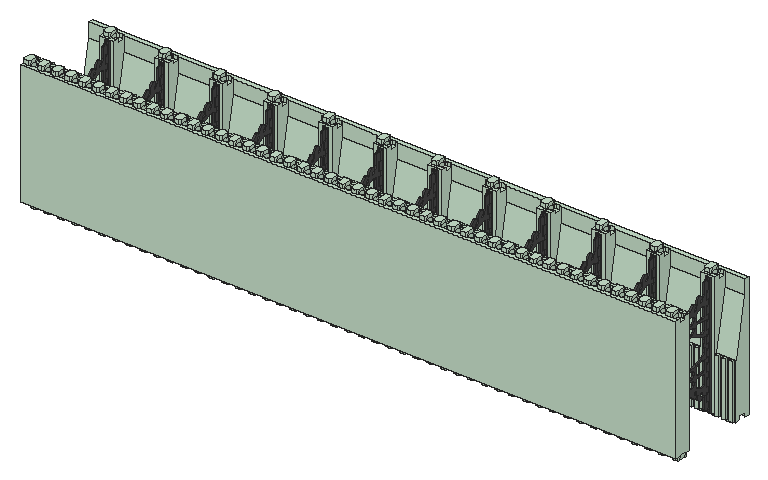
Revit family (continued)
Forms (in)
  Extrusion 106, void
    sketch origin (90, -2, 0) x (-1, 0, 0) y (0, -1, 0)
      loop
        arc (2, 4.89808) -> (1.95215, 5.04517) -> (1.82692, 5.13595) r 0.25
        arc (1.82692, 5.13595) -> (1.5, 5.1875) -> (1.17308, 5.13595) r 1.0625
        arc (1.17308, 5.13595) -> (1.04785, 5.04517) -> (1, 4.89808) r 0.25
    from 0 to 0.5
  Extrusion 107, void
    sketch origin (92, -2, 0) x (-1, 0, 0) y (0, -1, 0)
      loop
        line (1, 4.89808) -> (1, 3.97692)
        arc (1, 3.97692) -> (1.04785, 3.82983) -> (1.17308, 3.73905) r 0.25
        arc (1.17308, 3.73905) -> (1.42092, 3.69045) -> (1.67323, 3.70172) r 1.0625
        arc (1.67323, 3.70172) -> (1.72385, 3.68771) -> (1.74592, 3.64005) r 0.0625
        line (1.74592, 3.64005) -> (1.74592, 3.41845) -> (1.91675, 3.41845) -> (1.91675, 3.76455)
        arc (1.91675, 3.76455) -> (1.92106, 3.78736) -> (1.9334, 3.80702) r 0.0625
        arc (1.9334, 3.80702) -> (1.98276, 3.88568) -> (2, 3.97692) r 0.25
        line (2, 3.97692) -> (2, 4.89808)
        arc (2, 4.89808) -> (1.95215, 5.04517) -> (1.82692, 5.13595) r 0.25
        arc (1.82692, 5.13595) -> (1.5, 5.1875) -> (1.17308, 5.13595) r 1.0625
        arc (1.17308, 5.13595) -> (1.04785, 5.04517) -> (1, 4.89808) r 0.25
    from 0 to 0.5
  Extrusion 108, void
    sketch origin (94, -2, 0) x (-1, 0, 0) y (0, -1, 0)
      loop
        line (1, 4.89808) -> (1, 3.97692)
        arc (1, 3.97692) -> (1.04785, 3.82983) -> (1.17308, 3.73905) r 0.25
        arc (1.17308, 3.73905) -> (1.42092, 3.69045) -> (1.67323, 3.70172) r 1.0625
        arc (1.67323, 3.70172) -> (1.72385, 3.68771) -> (1.74592, 3.64005) r 0.0625
        line (1.74592, 3.64005) -> (1.74592, 3.41845) -> (1.91675, 3.41845) -> (1.91675, 3.76455)
        arc (1.91675, 3.76455) -> (1.92106, 3.78736) -> (1.9334, 3.80702) r 0.0625
        arc (1.9334, 3.80702) -> (1.98276, 3.88568) -> (2, 3.97692) r 0.25
        line (2, 3.97692) -> (2, 4.89808)
        arc (2, 4.89808) -> (1.95215, 5.04517) -> (1.82692, 5.13595) r 0.25
        arc (1.82692, 5.13595) -> (1.5, 5.1875) -> (1.17308, 5.13595) r 1.0625
        arc (1.17308, 5.13595) -> (1.04785, 5.04517) -> (1, 4.89808) r 0.25
    from 0 to 0.5
  Extrusion 109, void
    sketch origin (96, -2, 0) x (-1, 0, 0) y (0, -1, 0)
      loop
        line (1, 4.89808) -> (1, 3.97692)
        arc (1, 3.97692) -> (1.04785, 3.82983) -> (1.17308, 3.73905) r 0.25
        arc (1.17308, 3.73905) -> (1.42092, 3.69045) -> (1.67323, 3.70172) r 1.0625
        arc (1.67323, 3.70172) -> (1.72385, 3.68771) -> (1.74592, 3.64005) r 0.0625
        line (1.74592, 3.64005) -> (1.74592, 3.41845) -> (1.91675, 3.41845) -> (1.91675, 3.76455)
        arc (1.91675, 3.76455) -> (1.92106, 3.78736) -> (1.9334, 3.80702) r 0.0625
        arc (1.9334, 3.80702) -> (1.98276, 3.88568) -> (2, 3.97692) r 0.25
        line (2, 3.97692) -> (2, 4.89808)
        arc (2, 4.89808) -> (1.95215, 5.04517) -> (1.82692, 5.13595) r 0.25
        arc (1.82692, 5.13595) -> (1.5, 5.1875) -> (1.17308, 5.13595) r 1.0625
        arc (1.17308, 5.13595) -> (1.04785, 5.04517) -> (1, 4.89808) r 0.25
    from 0 to 0.5
  Extrusion 110, void
    sketch origin (94, 0, 0) x (1, 0, 0) y (0, 1, 0)
      loop
        line (1, 4.89808) -> (1, 3.97692)
        arc (1, 3.97692) -> (1.04785, 3.82983) -> (1.17308, 3.73905) r 0.25
        arc (1.17308, 3.73905) -> (1.42092, 3.69045) -> (1.67323, 3.70172) r 1.0625
        arc (1.67323, 3.70172) -> (1.72385, 3.68771) -> (1.74592, 3.64005) r 0.0625
        line (1.74592, 3.64005) -> (1.74592, 3.41845) -> (1.91675, 3.41845) -> (1.91675, 3.76455)
        arc (1.91675, 3.76455) -> (1.92106, 3.78736) -> (1.9334, 3.80702) r 0.0625
        arc (1.9334, 3.80702) -> (1.98276, 3.88568) -> (2, 3.97692) r 0.25
        line (2, 3.97692) -> (2, 4.89808)
        arc (2, 4.89808) -> (1.95215, 5.04517) -> (1.82692, 5.13595) r 0.25
        arc (1.82692, 5.13595) -> (1.5, 5.1875) -> (1.17308, 5.13595) r 1.0625
        arc (1.17308, 5.13595) -> (1.04785, 5.04517) -> (1, 4.89808) r 0.25
    from 0 to 0.5
  Extrusion 111, void
    sketch origin (92, 0, 0) x (1, 0, 0) y (0, 1, 0)
      loop
        line (1, 4.89808) -> (1, 3.97692)
        arc (1, 3.97692) -> (1.04785, 3.82983) -> (1.17308, 3.73905) r 0.25
        arc (1.17308, 3.73905) -> (1.42092, 3.69045) -> (1.67323, 3.70172) r 1.0625
        arc (1.67323, 3.70172) -> (1.72385, 3.68771) -> (1.74592, 3.64005) r 0.0625
        line (1.74592, 3.64005) -> (1.74592, 3.41845) -> (1.91675, 3.41845) -> (1.91675, 3.76455)
        arc (1.91675, 3.76455) -> (1.92106, 3.78736) -> (1.9334, 3.80702) r 0.0625
        arc (1.9334, 3.80702) -> (1.98276, 3.88568) -> (2, 3.97692) r 0.25
        line (2, 3.97692) -> (2, 4.89808)
        arc (2, 4.89808) -> (1.95215, 5.04517) -> (1.82692, 5.13595) r 0.25
        arc (1.82692, 5.13595) -> (1.5, 5.1875) -> (1.17308, 5.13595) r 1.0625
        arc (1.17308, 5.13595) -> (1.04785, 5.04517) -> (1, 4.89808) r 0.25
    from 0 to 0.5
  Extrusion 112, void
    sketch origin (90, 0, 0) x (1, 0, 0) y (0, 1, 0)
      loop
        line (1, 4.89808) -> (1, 3.97692)
        arc (1, 3.97692) -> (1.04785, 3.82983) -> (1.17308, 3.73905) r 0.25
        arc (1.17308, 3.73905) -> (1.42092, 3.69045) -> (1.67323, 3.70172) r 1.0625
        arc (1.67323, 3.70172) -> (1.72385, 3.68771) -> (1.74592, 3.64005) r 0.0625
        line (1.74592, 3.64005) -> (1.74592, 3.41845) -> (1.91675, 3.41845) -> (1.91675, 3.76455)
        arc (1.91675, 3.76455) -> (1.92106, 3.78736) -> (1.9334, 3.80702) r 0.0625
        arc (1.9334, 3.80702) -> (1.98276, 3.88568) -> (2, 3.97692) r 0.25
        line (2, 3.97692) -> (2, 4.89808)
        arc (2, 4.89808) -> (1.95215, 5.04517) -> (1.82692, 5.13595) r 0.25
        arc (1.82692, 5.13595) -> (1.5, 5.1875) -> (1.17308, 5.13595) r 1.0625
        arc (1.17308, 5.13595) -> (1.04785, 5.04517) -> (1, 4.89808) r 0.25
    from 0 to 0.5
  Extrusion 113, void
    sketch origin (88, 0, 0) x (1, 0, 0) y (0, 1, 0)
      loop
        line (1, 4.89808) -> (1, 3.97692)
        arc (1, 3.97692) -> (1.04785, 3.82983) -> (1.17308, 3.73905) r 0.25
        arc (1.17308, 3.73905) -> (1.42092, 3.69045) -> (1.67323, 3.70172) r 1.0625
        arc (1.67323, 3.70172) -> (1.72385, 3.68771) -> (1.74592, 3.64005) r 0.0625
        line (1.74592, 3.64005) -> (1.74592, 3.41845) -> (1.91675, 3.41845) -> (1.91675, 3.76455)
        arc (1.91675, 3.76455) -> (1.92106, 3.78736) -> (1.9334, 3.80702) r 0.0625
        arc (1.9334, 3.80702) -> (1.98276, 3.88568) -> (2, 3.97692) r 0.25
        line (2, 3.97692) -> (2, 4.89808)
        arc (2, 4.89808) -> (1.95215, 5.04517) -> (1.82692, 5.13595) r 0.25
        arc (1.82692, 5.13595) -> (1.5, 5.1875) -> (1.17308, 5.13595) r 1.0625
        arc (1.17308, 5.13595) -> (1.04785, 5.04517) -> (1, 4.89808) r 0.25
    from 0 to 0.5
  Extrusion 114, void
    sketch origin (86, 0, 0) x (1, 0, 0) y (0, 1, 0)
      loop
        line (1, 4.89808) -> (1, 3.97692)
        arc (1, 3.97692) -> (1.04785, 3.82983) -> (1.17308, 3.73905) r 0.25
        arc (1.17308, 3.73905) -> (1.42092, 3.69045) -> (1.67323, 3.70172) r 1.0625
        arc (1.67323, 3.70172) -> (1.72385, 3.68771) -> (1.74592, 3.64005) r 0.0625
        line (1.74592, 3.64005) -> (1.74592, 3.41845) -> (1.91675, 3.41845) -> (1.91675, 3.76455)
        arc (1.91675, 3.76455) -> (1.92106, 3.78736) -> (1.9334, 3.80702) r 0.0625
        arc (1.9334, 3.80702) -> (1.98276, 3.88568) -> (2, 3.97692) r 0.25
        line (2, 3.97692) -> (2, 4.89808)
        arc (2, 4.89808) -> (1.95215, 5.04517) -> (1.82692, 5.13595) r 0.25
        arc (1.82692, 5.13595) -> (1.5, 5.1875) -> (1.17308, 5.13595) r 1.0625
        arc (1.17308, 5.13595) -> (1.04785, 5.04517) -> (1, 4.89808) r 0.25
    from 0 to 0.5
  Extrusion 115, void
    sketch origin (84, 0, 0) x (1, 0, 0) y (0, 1, 0)
      loop
        line (1, 4.89808) -> (1, 3.97692)
        arc (1, 3.97692) -> (1.04785, 3.82983) -> (1.17308, 3.73905) r 0.25
        arc (1.17308, 3.73905) -> (1.42092, 3.69045) -> (1.67323, 3.70172) r 1.0625
        arc (1.67323, 3.70172) -> (1.72385, 3.68771) -> (1.74592, 3.64005) r 0.0625
        line (1.74592, 3.64005) -> (1.74592, 3.41845) -> (1.91675, 3.41845) -> (1.91675, 3.76455)
        arc (1.91675, 3.76455) -> (1.92106, 3.78736) -> (1.9334, 3.80702) r 0.0625
        arc (1.9334, 3.80702) -> (1.98276, 3.88568) -> (2, 3.97692) r 0.25
        line (2, 3.97692) -> (2, 4.89808)
        arc (2, 4.89808) -> (1.95215, 5.04517) -> (1.82692, 5.13595) r 0.25
        arc (1.82692, 5.13595) -> (1.5, 5.1875) -> (1.17308, 5.13595) r 1.0625
        arc (1.17308, 5.13595) -> (1.04785, 5.04517) -> (1, 4.89808) r 0.25
    from 0 to 0.5
  Extrusion 116, void
    sketch origin (82, 0, 0) x (1, 0, 0) y (0, 1, 0)
      loop
        line (1, 4.89808) -> (1, 3.97692)
        arc (1, 3.97692) -> (1.04785, 3.82983) -> (1.17308, 3.73905) r 0.25
        arc (1.17308, 3.73905) -> (1.42092, 3.69045) -> (1.67323, 3.70172) r 1.0625
        arc (1.67323, 3.70172) -> (1.72385, 3.68771) -> (1.74592, 3.64005) r 0.0625
        line (1.74592, 3.64005) -> (1.74592, 3.41845) -> (1.91675, 3.41845) -> (1.91675, 3.76455)
        arc (1.91675, 3.76455) -> (1.92106, 3.78736) -> (1.9334, 3.80702) r 0.0625
        arc (1.9334, 3.80702) -> (1.98276, 3.88568) -> (2, 3.97692) r 0.25
        line (2, 3.97692) -> (2, 4.89808)
        arc (2, 4.89808) -> (1.95215, 5.04517) -> (1.82692, 5.13595) r 0.25
        arc (1.82692, 5.13595) -> (1.5, 5.1875) -> (1.17308, 5.13595) r 1.0625
        arc (1.17308, 5.13595) -> (1.04785, 5.04517) -> (1, 4.89808) r 0.25
    from 0 to 0.5
  Extrusion 117, void
    sketch origin (80, 0, 0) x (1, 0, 0) y (0, 1, 0)
      loop
        line (1, 4.89808) -> (1, 3.97692)
        arc (1, 3.97692) -> (1.04785, 3.82983) -> (1.17308, 3.73905) r 0.25
        arc (1.17308, 3.73905) -> (1.42092, 3.69045) -> (1.67323, 3.70172) r 1.0625
        arc (1.67323, 3.70172) -> (1.72385, 3.68771) -> (1.74592, 3.64005) r 0.0625
        line (1.74592, 3.64005) -> (1.74592, 3.41845) -> (1.91675, 3.41845) -> (1.91675, 3.76455)
        arc (1.91675, 3.76455) -> (1.92106, 3.78736) -> (1.9334, 3.80702) r 0.0625
        arc (1.9334, 3.80702) -> (1.98276, 3.88568) -> (2, 3.97692) r 0.25
        line (2, 3.97692) -> (2, 4.89808)
        arc (2, 4.89808) -> (1.95215, 5.04517) -> (1.82692, 5.13595) r 0.25
        arc (1.82692, 5.13595) -> (1.5, 5.1875) -> (1.17308, 5.13595) r 1.0625
        arc (1.17308, 5.13595) -> (1.04785, 5.04517) -> (1, 4.89808) r 0.25
    from 0 to 0.5
  Extrusion 118, void
    sketch origin (78, 0, 0) x (1, 0, 0) y (0, 1, 0)
      loop
        line (1, 4.89808) -> (1, 3.97692)
        arc (1, 3.97692) -> (1.04785, 3.82983) -> (1.17308, 3.73905) r 0.25
        arc (1.17308, 3.73905) -> (1.42092, 3.69045) -> (1.67323, 3.70172) r 1.0625
        arc (1.67323, 3.70172) -> (1.72385, 3.68771) -> (1.74592, 3.64005) r 0.0625
        line (1.74592, 3.64005) -> (1.74592, 3.41845) -> (1.91675, 3.41845) -> (1.91675, 3.76455)
        arc (1.91675, 3.76455) -> (1.92106, 3.78736) -> (1.9334, 3.80702) r 0.0625
        arc (1.9334, 3.80702) -> (1.98276, 3.88568) -> (2, 3.97692) r 0.25
        line (2, 3.97692) -> (2, 4.89808)
        arc (2, 4.89808) -> (1.95215, 5.04517) -> (1.82692, 5.13595) r 0.25
        arc (1.82692, 5.13595) -> (1.5, 5.1875) -> (1.17308, 5.13595) r 1.0625
        arc (1.17308, 5.13595) -> (1.04785, 5.04517) -> (1, 4.89808) r 0.25
    from 0 to 0.5
  Extrusion 119, void
    sketch origin (76, 0, 0) x (1, 0, 0) y (0, 1, 0)
      loop
        line (1, 4.89808) -> (1, 3.97692)
        arc (1, 3.97692) -> (1.04785, 3.82983) -> (1.17308, 3.73905) r 0.25
        arc (1.17308, 3.73905) -> (1.42092, 3.69045) -> (1.67323, 3.70172) r 1.0625
        arc (1.67323, 3.70172) -> (1.72385, 3.68771) -> (1.74592, 3.64005) r 0.0625
        line (1.74592, 3.64005) -> (1.74592, 3.41845) -> (1.91675, 3.41845) -> (1.91675, 3.76455)
        arc (1.91675, 3.76455) -> (1.92106, 3.78736) -> (1.9334, 3.80702) r 0.0625
        arc (1.9334, 3.80702) -> (1.98276, 3.88568) -> (2, 3.97692) r 0.25
        line (2, 3.97692) -> (2, 4.89808)
        arc (2, 4.89808) -> (1.95215, 5.04517) -> (1.82692, 5.13595) r 0.25
        arc (1.82692, 5.13595) -> (1.5, 5.1875) -> (1.17308, 5.13595) r 1.0625
        arc (1.17308, 5.13595) -> (1.04785, 5.04517) -> (1, 4.89808) r 0.25
    from 0 to 0.5
  Extrusion 120, void
    sketch origin (74, 0, 0) x (1, 0, 0) y (0, 1, 0)
      loop
        line (1, 4.89808) -> (1, 3.97692)
        arc (1, 3.97692) -> (1.04785, 3.82983) -> (1.17308, 3.73905) r 0.25
        arc (1.17308, 3.73905) -> (1.42092, 3.69045) -> (1.67323, 3.70172) r 1.0625
        arc (1.67323, 3.70172) -> (1.72385, 3.68771) -> (1.74592, 3.64005) r 0.0625
        line (1.74592, 3.64005) -> (1.74592, 3.41845) -> (1.91675, 3.41845) -> (1.91675, 3.76455)
        arc (1.91675, 3.76455) -> (1.92106, 3.78736) -> (1.9334, 3.80702) r 0.0625
        arc (1.9334, 3.80702) -> (1.98276, 3.88568) -> (2, 3.97692) r 0.25
        line (2, 3.97692) -> (2, 4.89808)
        arc (2, 4.89808) -> (1.95215, 5.04517) -> (1.82692, 5.13595) r 0.25
        arc (1.82692, 5.13595) -> (1.5, 5.1875) -> (1.17308, 5.13595) r 1.0625
        arc (1.17308, 5.13595) -> (1.04785, 5.04517) -> (1, 4.89808) r 0.25
    from 0 to 0.5
  Extrusion 121, void
    sketch origin (72, 0, 0) x (1, 0, 0) y (0, 1, 0)
      loop
        line (1, 4.89808) -> (1, 3.97692)
        arc (1, 3.97692) -> (1.04785, 3.82983) -> (1.17308, 3.73905) r 0.25
        arc (1.17308, 3.73905) -> (1.42092, 3.69045) -> (1.67323, 3.70172) r 1.0625
        arc (1.67323, 3.70172) -> (1.72385, 3.68771) -> (1.74592, 3.64005) r 0.0625
        line (1.74592, 3.64005) -> (1.74592, 3.41845) -> (1.91675, 3.41845) -> (1.91675, 3.76455)
        arc (1.91675, 3.76455) -> (1.92106, 3.78736) -> (1.9334, 3.80702) r 0.0625
        arc (1.9334, 3.80702) -> (1.98276, 3.88568) -> (2, 3.97692) r 0.25
        line (2, 3.97692) -> (2, 4.89808)
        arc (2, 4.89808) -> (1.95215, 5.04517) -> (1.82692, 5.13595) r 0.25
        arc (1.82692, 5.13595) -> (1.5, 5.1875) -> (1.17308, 5.13595) r 1.0625
        arc (1.17308, 5.13595) -> (1.04785, 5.04517) -> (1, 4.89808) r 0.25
    from 0 to 0.5
  Extrusion 122, void
    sketch origin (70, 0, 0) x (1, 0, 0) y (0, 1, 0)
      loop
        line (1, 4.89808) -> (1, 3.97692)
        arc (1, 3.97692) -> (1.04785, 3.82983) -> (1.17308, 3.73905) r 0.25
        arc (1.17308, 3.73905) -> (1.42092, 3.69045) -> (1.67323, 3.70172) r 1.0625
        arc (1.67323, 3.70172) -> (1.72385, 3.68771) -> (1.74592, 3.64005) r 0.0625
        line (1.74592, 3.64005) -> (1.74592, 3.41845) -> (1.91675, 3.41845) -> (1.91675, 3.76455)
        arc (1.91675, 3.76455) -> (1.92106, 3.78736) -> (1.9334, 3.80702) r 0.0625
        arc (1.9334, 3.80702) -> (1.98276, 3.88568) -> (2, 3.97692) r 0.25
        line (2, 3.97692) -> (2, 4.89808)
        arc (2, 4.89808) -> (1.95215, 5.04517) -> (1.82692, 5.13595) r 0.25
        arc (1.82692, 5.13595) -> (1.5, 5.1875) -> (1.17308, 5.13595) r 1.0625
        arc (1.17308, 5.13595) -> (1.04785, 5.04517) -> (1, 4.89808) r 0.25
    from 0 to 0.5
  Extrusion 123, void
    sketch origin (68, 0, 0) x (1, 0, 0) y (0, 1, 0)
      loop
        line (1, 4.89808) -> (1, 3.97692)
        arc (1, 3.97692) -> (1.04785, 3.82983) -> (1.17308, 3.73905) r 0.25
        arc (1.17308, 3.73905) -> (1.42092, 3.69045) -> (1.67323, 3.70172) r 1.0625
        arc (1.67323, 3.70172) -> (1.72385, 3.68771) -> (1.74592, 3.64005) r 0.0625
        line (1.74592, 3.64005) -> (1.74592, 3.41845) -> (1.91675, 3.41845) -> (1.91675, 3.76455)
        arc (1.91675, 3.76455) -> (1.92106, 3.78736) -> (1.9334, 3.80702) r 0.0625
        arc (1.9334, 3.80702) -> (1.98276, 3.88568) -> (2, 3.97692) r 0.25
        line (2, 3.97692) -> (2, 4.89808)
        arc (2, 4.89808) -> (1.95215, 5.04517) -> (1.82692, 5.13595) r 0.25
        arc (1.82692, 5.13595) -> (1.5, 5.1875) -> (1.17308, 5.13595) r 1.0625
        arc (1.17308, 5.13595) -> (1.04785, 5.04517) -> (1, 4.89808) r 0.25
    from 0 to 0.5
  Extrusion 124, void
    sketch origin (66, 0, 0) x (1, 0, 0) y (0, 1, 0)
      loop
        line (1, 4.89808) -> (1, 3.97692)
        arc (1, 3.97692) -> (1.04785, 3.82983) -> (1.17308, 3.73905) r 0.25
        arc (1.17308, 3.73905) -> (1.42092, 3.69045) -> (1.67323, 3.70172) r 1.0625
        arc (1.67323, 3.70172) -> (1.72385, 3.68771) -> (1.74592, 3.64005) r 0.0625
        line (1.74592, 3.64005) -> (1.74592, 3.41845) -> (1.91675, 3.41845) -> (1.91675, 3.76455)
        arc (1.91675, 3.76455) -> (1.92106, 3.78736) -> (1.9334, 3.80702) r 0.0625
        arc (1.9334, 3.80702) -> (1.98276, 3.88568) -> (2, 3.97692) r 0.25
        line (2, 3.97692) -> (2, 4.89808)
        arc (2, 4.89808) -> (1.95215, 5.04517) -> (1.82692, 5.13595) r 0.25
        arc (1.82692, 5.13595) -> (1.5, 5.1875) -> (1.17308, 5.13595) r 1.0625
        arc (1.17308, 5.13595) -> (1.04785, 5.04517) -> (1, 4.89808) r 0.25
    from 0 to 0.5
  Extrusion 125, void
    sketch origin (64, 0, 0) x (1, 0, 0) y (0, 1, 0)
      loop
        line (1, 4.89808) -> (1, 3.97692)
        arc (1, 3.97692) -> (1.04785, 3.82983) -> (1.17308, 3.73905) r 0.25
        arc (1.17308, 3.73905) -> (1.42092, 3.69045) -> (1.67323, 3.70172) r 1.0625
        arc (1.67323, 3.70172) -> (1.72385, 3.68771) -> (1.74592, 3.64005) r 0.0625
        line (1.74592, 3.64005) -> (1.74592, 3.41845) -> (1.91675, 3.41845) -> (1.91675, 3.76455)
        arc (1.91675, 3.76455) -> (1.92106, 3.78736) -> (1.9334, 3.80702) r 0.0625
        arc (1.9334, 3.80702) -> (1.98276, 3.88568) -> (2, 3.97692) r 0.25
        line (2, 3.97692) -> (2, 4.89808)
        arc (2, 4.89808) -> (1.95215, 5.04517) -> (1.82692, 5.13595) r 0.25
        arc (1.82692, 5.13595) -> (1.5, 5.1875) -> (1.17308, 5.13595) r 1.0625
        arc (1.17308, 5.13595) -> (1.04785, 5.04517) -> (1, 4.89808) r 0.25
    from 0 to 0.5
  Extrusion 126, void
    sketch origin (62, 0, 0) x (1, 0, 0) y (0, 1, 0)
      loop
        line (1, 4.89808) -> (1, 3.97692)
        arc (1, 3.97692) -> (1.04785, 3.82983) -> (1.17308, 3.73905) r 0.25
        arc (1.17308, 3.73905) -> (1.42092, 3.69045) -> (1.67323, 3.70172) r 1.0625
        arc (1.67323, 3.70172) -> (1.72385, 3.68771) -> (1.74592, 3.64005) r 0.0625
        line (1.74592, 3.64005) -> (1.74592, 3.41845) -> (1.91675, 3.41845) -> (1.91675, 3.76455)
        arc (1.91675, 3.76455) -> (1.92106, 3.78736) -> (1.9334, 3.80702) r 0.0625
        arc (1.9334, 3.80702) -> (1.98276, 3.88568) -> (2, 3.97692) r 0.25
        line (2, 3.97692) -> (2, 4.89808)
        arc (2, 4.89808) -> (1.95215, 5.04517) -> (1.82692, 5.13595) r 0.25
        arc (1.82692, 5.13595) -> (1.5, 5.1875) -> (1.17308, 5.13595) r 1.0625
        arc (1.17308, 5.13595) -> (1.04785, 5.04517) -> (1, 4.89808) r 0.25
    from 0 to 0.5
  Extrusion 127, void
    sketch origin (60, 0, 0) x (1, 0, 0) y (0, 1, 0)
      loop
        line (1, 4.89808) -> (1, 3.97692)
        arc (1, 3.97692) -> (1.04785, 3.82983) -> (1.17308, 3.73905) r 0.25
        arc (1.17308, 3.73905) -> (1.42092, 3.69045) -> (1.67323, 3.70172) r 1.0625
        arc (1.67323, 3.70172) -> (1.72385, 3.68771) -> (1.74592, 3.64005) r 0.0625
        line (1.74592, 3.64005) -> (1.74592, 3.41845) -> (1.91675, 3.41845) -> (1.91675, 3.76455)
        arc (1.91675, 3.76455) -> (1.92106, 3.78736) -> (1.9334, 3.80702) r 0.0625
        arc (1.9334, 3.80702) -> (1.98276, 3.88568) -> (2, 3.97692) r 0.25
        line (2, 3.97692) -> (2, 4.89808)
        arc (2, 4.89808) -> (1.95215, 5.04517) -> (1.82692, 5.13595) r 0.25
        arc (1.82692, 5.13595) -> (1.5, 5.1875) -> (1.17308, 5.13595) r 1.0625
        arc (1.17308, 5.13595) -> (1.04785, 5.04517) -> (1, 4.89808) r 0.25
    from 0 to 0.5
  Extrusion 128, void
    sketch origin (58, 0, 0) x (1, 0, 0) y (0, 1, 0)
      loop
        line (1, 4.89808) -> (1, 3.97692)
        arc (1, 3.97692) -> (1.04785, 3.82983) -> (1.17308, 3.73905) r 0.25
        arc (1.17308, 3.73905) -> (1.42092, 3.69045) -> (1.67323, 3.70172) r 1.0625
        arc (1.67323, 3.70172) -> (1.72385, 3.68771) -> (1.74592, 3.64005) r 0.0625
        line (1.74592, 3.64005) -> (1.74592, 3.41845) -> (1.91675, 3.41845) -> (1.91675, 3.76455)
        arc (1.91675, 3.76455) -> (1.92106, 3.78736) -> (1.9334, 3.80702) r 0.0625
        arc (1.9334, 3.80702) -> (1.98276, 3.88568) -> (2, 3.97692) r 0.25
        line (2, 3.97692) -> (2, 4.89808)
        arc (2, 4.89808) -> (1.95215, 5.04517) -> (1.82692, 5.13595) r 0.25
        arc (1.82692, 5.13595) -> (1.5, 5.1875) -> (1.17308, 5.13595) r 1.0625
        arc (1.17308, 5.13595) -> (1.04785, 5.04517) -> (1, 4.89808) r 0.25
    from 0 to 0.5
  Extrusion 129, void
    sketch origin (56, 0, 0) x (1, 0, 0) y (0, 1, 0)
      loop
        line (1, 4.89808) -> (1, 3.97692)
        arc (1, 3.97692) -> (1.04785, 3.82983) -> (1.17308, 3.73905) r 0.25
        arc (1.17308, 3.73905) -> (1.42092, 3.69045) -> (1.67323, 3.70172) r 1.0625
        arc (1.67323, 3.70172) -> (1.72385, 3.68771) -> (1.74592, 3.64005) r 0.0625
        line (1.74592, 3.64005) -> (1.74592, 3.41845) -> (1.91675, 3.41845) -> (1.91675, 3.76455)
        arc (1.91675, 3.76455) -> (1.92106, 3.78736) -> (1.9334, 3.80702) r 0.0625
        arc (1.9334, 3.80702) -> (1.98276, 3.88568) -> (2, 3.97692) r 0.25
        line (2, 3.97692) -> (2, 4.89808)
        arc (2, 4.89808) -> (1.95215, 5.04517) -> (1.82692, 5.13595) r 0.25
        arc (1.82692, 5.13595) -> (1.5, 5.1875) -> (1.17308, 5.13595) r 1.0625
        arc (1.17308, 5.13595) -> (1.04785, 5.04517) -> (1, 4.89808) r 0.25
    from 0 to 0.5
  Extrusion 130, void
    sketch origin (54, 0, 0) x (1, 0, 0) y (0, 1, 0)
      loop
        line (1, 4.89808) -> (1, 3.97692)
        arc (1, 3.97692) -> (1.04785, 3.82983) -> (1.17308, 3.73905) r 0.25
        arc (1.17308, 3.73905) -> (1.42092, 3.69045) -> (1.67323, 3.70172) r 1.0625
        arc (1.67323, 3.70172) -> (1.72385, 3.68771) -> (1.74592, 3.64005) r 0.0625
        line (1.74592, 3.64005) -> (1.74592, 3.41845) -> (1.91675, 3.41845) -> (1.91675, 3.76455)
        arc (1.91675, 3.76455) -> (1.92106, 3.78736) -> (1.9334, 3.80702) r 0.0625
        arc (1.9334, 3.80702) -> (1.98276, 3.88568) -> (2, 3.97692) r 0.25
        line (2, 3.97692) -> (2, 4.89808)
        arc (2, 4.89808) -> (1.95215, 5.04517) -> (1.82692, 5.13595) r 0.25
        arc (1.82692, 5.13595) -> (1.5, 5.1875) -> (1.17308, 5.13595) r 1.0625
        arc (1.17308, 5.13595) -> (1.04785, 5.04517) -> (1, 4.89808) r 0.25
    from 0 to 0.5
  Extrusion 131, void
    sketch origin (52, 0, 0) x (1, 0, 0) y (0, 1, 0)
      loop
        line (1, 4.89808) -> (1, 3.97692)
        arc (1, 3.97692) -> (1.04785, 3.82983) -> (1.17308, 3.73905) r 0.25
        arc (1.17308, 3.73905) -> (1.42092, 3.69045) -> (1.67323, 3.70172) r 1.0625
        arc (1.67323, 3.70172) -> (1.72385, 3.68771) -> (1.74592, 3.64005) r 0.0625
        line (1.74592, 3.64005) -> (1.74592, 3.41845) -> (1.91675, 3.41845) -> (1.91675, 3.76455)
        arc (1.91675, 3.76455) -> (1.92106, 3.78736) -> (1.9334, 3.80702) r 0.0625
        arc (1.9334, 3.80702) -> (1.98276, 3.88568) -> (2, 3.97692) r 0.25
        line (2, 3.97692) -> (2, 4.89808)
        arc (2, 4.89808) -> (1.95215, 5.04517) -> (1.82692, 5.13595) r 0.25
        arc (1.82692, 5.13595) -> (1.5, 5.1875) -> (1.17308, 5.13595) r 1.0625
        arc (1.17308, 5.13595) -> (1.04785, 5.04517) -> (1, 4.89808) r 0.25
    from 0 to 0.5
  Extrusion 132, void
    sketch origin (50, 0, 0) x (1, 0, 0) y (0, 1, 0)
      loop
        line (1, 4.89808) -> (1, 3.97692)
        arc (1, 3.97692) -> (1.04785, 3.82983) -> (1.17308, 3.73905) r 0.25
        arc (1.17308, 3.73905) -> (1.42092, 3.69045) -> (1.67323, 3.70172) r 1.0625
        arc (1.67323, 3.70172) -> (1.72385, 3.68771) -> (1.74592, 3.64005) r 0.0625
        line (1.74592, 3.64005) -> (1.74592, 3.41845) -> (1.91675, 3.41845) -> (1.91675, 3.76455)
        arc (1.91675, 3.76455) -> (1.92106, 3.78736) -> (1.9334, 3.80702) r 0.0625
        arc (1.9334, 3.80702) -> (1.98276, 3.88568) -> (2, 3.97692) r 0.25
        line (2, 3.97692) -> (2, 4.89808)
        arc (2, 4.89808) -> (1.95215, 5.04517) -> (1.82692, 5.13595) r 0.25
        arc (1.82692, 5.13595) -> (1.5, 5.1875) -> (1.17308, 5.13595) r 1.0625
        arc (1.17308, 5.13595) -> (1.04785, 5.04517) -> (1, 4.89808) r 0.25
    from 0 to 0.5
  Extrusion 133, void
    sketch origin (48, 0, 0) x (1, 0, 0) y (0, 1, 0)
      loop
        line (1, 4.89808) -> (1, 3.97692)
        arc (1, 3.97692) -> (1.04785, 3.82983) -> (1.17308, 3.73905) r 0.25
        arc (1.17308, 3.73905) -> (1.42092, 3.69045) -> (1.67323, 3.70172) r 1.0625
        arc (1.67323, 3.70172) -> (1.72385, 3.68771) -> (1.74592, 3.64005) r 0.0625
        line (1.74592, 3.64005) -> (1.74592, 3.41845) -> (1.91675, 3.41845) -> (1.91675, 3.76455)
        arc (1.91675, 3.76455) -> (1.92106, 3.78736) -> (1.9334, 3.80702) r 0.0625
        arc (1.9334, 3.80702) -> (1.98276, 3.88568) -> (2, 3.97692) r 0.25
        line (2, 3.97692) -> (2, 4.89808)
        arc (2, 4.89808) -> (1.95215, 5.04517) -> (1.82692, 5.13595) r 0.25
        arc (1.82692, 5.13595) -> (1.5, 5.1875) -> (1.17308, 5.13595) r 1.0625
        arc (1.17308, 5.13595) -> (1.04785, 5.04517) -> (1, 4.89808) r 0.25
    from 0 to 0.5
  Extrusion 134, void
    sketch origin (46, 0, 0) x (1, 0, 0) y (0, 1, 0)
      loop
        line (1, 4.89808) -> (1, 3.97692)
        arc (1, 3.97692) -> (1.04785, 3.82983) -> (1.17308, 3.73905) r 0.25
        arc (1.17308, 3.73905) -> (1.42092, 3.69045) -> (1.67323, 3.70172) r 1.0625
        arc (1.67323, 3.70172) -> (1.72385, 3.68771) -> (1.74592, 3.64005) r 0.0625
        line (1.74592, 3.64005) -> (1.74592, 3.41845) -> (1.91675, 3.41845) -> (1.91675, 3.76455)
        arc (1.91675, 3.76455) -> (1.92106, 3.78736) -> (1.9334, 3.80702) r 0.0625
        arc (1.9334, 3.80702) -> (1.98276, 3.88568) -> (2, 3.97692) r 0.25
        line (2, 3.97692) -> (2, 4.89808)
        arc (2, 4.89808) -> (1.95215, 5.04517) -> (1.82692, 5.13595) r 0.25
        arc (1.82692, 5.13595) -> (1.5, 5.1875) -> (1.17308, 5.13595) r 1.0625
        arc (1.17308, 5.13595) -> (1.04785, 5.04517) -> (1, 4.89808) r 0.25
    from 0 to 0.5
  Extrusion 135, void
    sketch origin (44, 0, 0) x (1, 0, 0) y (0, 1, 0)
      loop
        line (1, 4.89808) -> (1, 3.97692)
        arc (1, 3.97692) -> (1.04785, 3.82983) -> (1.17308, 3.73905) r 0.25
        arc (1.17308, 3.73905) -> (1.42092, 3.69045) -> (1.67323, 3.70172) r 1.0625
        arc (1.67323, 3.70172) -> (1.72385, 3.68771) -> (1.74592, 3.64005) r 0.0625
        line (1.74592, 3.64005) -> (1.74592, 3.41845) -> (1.91675, 3.41845) -> (1.91675, 3.76455)
        arc (1.91675, 3.76455) -> (1.92106, 3.78736) -> (1.9334, 3.80702) r 0.0625
        arc (1.9334, 3.80702) -> (1.98276, 3.88568) -> (2, 3.97692) r 0.25
        line (2, 3.97692) -> (2, 4.89808)
        arc (2, 4.89808) -> (1.95215, 5.04517) -> (1.82692, 5.13595) r 0.25
        arc (1.82692, 5.13595) -> (1.5, 5.1875) -> (1.17308, 5.13595) r 1.0625
        arc (1.17308, 5.13595) -> (1.04785, 5.04517) -> (1, 4.89808) r 0.25
    from 0 to 0.5
  Extrusion 136, void
    sketch origin (42, 0, 0) x (1, 0, 0) y (0, 1, 0)
      loop
        line (1, 4.89808) -> (1, 3.97692)
        arc (1, 3.97692) -> (1.04785, 3.82983) -> (1.17308, 3.73905) r 0.25
        arc (1.17308, 3.73905) -> (1.42092, 3.69045) -> (1.67323, 3.70172) r 1.0625
        arc (1.67323, 3.70172) -> (1.72385, 3.68771) -> (1.74592, 3.64005) r 0.0625
        line (1.74592, 3.64005) -> (1.74592, 3.41845) -> (1.91675, 3.41845) -> (1.91675, 3.76455)
        arc (1.91675, 3.76455) -> (1.92106, 3.78736) -> (1.9334, 3.80702) r 0.0625
        arc (1.9334, 3.80702) -> (1.98276, 3.88568) -> (2, 3.97692) r 0.25
        line (2, 3.97692) -> (2, 4.89808)
        arc (2, 4.89808) -> (1.95215, 5.04517) -> (1.82692, 5.13595) r 0.25
        arc (1.82692, 5.13595) -> (1.5, 5.1875) -> (1.17308, 5.13595) r 1.0625
        arc (1.17308, 5.13595) -> (1.04785, 5.04517) -> (1, 4.89808) r 0.25
    from 0 to 0.5
  Extrusion 137, void
    sketch origin (40, 0, 0) x (1, 0, 0) y (0, 1, 0)
      loop
        line (1, 4.89808) -> (1, 3.97692)
        arc (1, 3.97692) -> (1.04785, 3.82983) -> (1.17308, 3.73905) r 0.25
        arc (1.17308, 3.73905) -> (1.42092, 3.69045) -> (1.67323, 3.70172) r 1.0625
        arc (1.67323, 3.70172) -> (1.72385, 3.68771) -> (1.74592, 3.64005) r 0.0625
        line (1.74592, 3.64005) -> (1.74592, 3.41845) -> (1.91675, 3.41845) -> (1.91675, 3.76455)
        arc (1.91675, 3.76455) -> (1.92106, 3.78736) -> (1.9334, 3.80702) r 0.0625
        arc (1.9334, 3.80702) -> (1.98276, 3.88568) -> (2, 3.97692) r 0.25
        line (2, 3.97692) -> (2, 4.89808)
        arc (2, 4.89808) -> (1.95215, 5.04517) -> (1.82692, 5.13595) r 0.25
        arc (1.82692, 5.13595) -> (1.5, 5.1875) -> (1.17308, 5.13595) r 1.0625
        arc (1.17308, 5.13595) -> (1.04785, 5.04517) -> (1, 4.89808) r 0.25
    from 0 to 0.5
  Extrusion 138, void
    sketch origin (38, 0, 0) x (1, 0, 0) y (0, 1, 0)
      loop
        line (1, 4.89808) -> (1, 3.97692)
        arc (1, 3.97692) -> (1.04785, 3.82983) -> (1.17308, 3.73905) r 0.25
        arc (1.17308, 3.73905) -> (1.42092, 3.69045) -> (1.67323, 3.70172) r 1.0625
        arc (1.67323, 3.70172) -> (1.72385, 3.68771) -> (1.74592, 3.64005) r 0.0625
        line (1.74592, 3.64005) -> (1.74592, 3.41845) -> (1.91675, 3.41845) -> (1.91675, 3.76455)
        arc (1.91675, 3.76455) -> (1.92106, 3.78736) -> (1.9334, 3.80702) r 0.0625
        arc (1.9334, 3.80702) -> (1.98276, 3.88568) -> (2, 3.97692) r 0.25
        line (2, 3.97692) -> (2, 4.89808)
        arc (2, 4.89808) -> (1.95215, 5.04517) -> (1.82692, 5.13595) r 0.25
        arc (1.82692, 5.13595) -> (1.5, 5.1875) -> (1.17308, 5.13595) r 1.0625
        arc (1.17308, 5.13595) -> (1.04785, 5.04517) -> (1, 4.89808) r 0.25
    from 0 to 0.5
  Extrusion 139, void
    sketch origin (36, 0, 0) x (1, 0, 0) y (0, 1, 0)
      loop
        line (1, 4.89808) -> (1, 3.97692)
        arc (1, 3.97692) -> (1.04785, 3.82983) -> (1.17308, 3.73905) r 0.25
        arc (1.17308, 3.73905) -> (1.42092, 3.69045) -> (1.67323, 3.70172) r 1.0625
        arc (1.67323, 3.70172) -> (1.72385, 3.68771) -> (1.74592, 3.64005) r 0.0625
        line (1.74592, 3.64005) -> (1.74592, 3.41845) -> (1.91675, 3.41845) -> (1.91675, 3.76455)
        arc (1.91675, 3.76455) -> (1.92106, 3.78736) -> (1.9334, 3.80702) r 0.0625
        arc (1.9334, 3.80702) -> (1.98276, 3.88568) -> (2, 3.97692) r 0.25
        line (2, 3.97692) -> (2, 4.89808)
        arc (2, 4.89808) -> (1.95215, 5.04517) -> (1.82692, 5.13595) r 0.25
        arc (1.82692, 5.13595) -> (1.5, 5.1875) -> (1.17308, 5.13595) r 1.0625
        arc (1.17308, 5.13595) -> (1.04785, 5.04517) -> (1, 4.89808) r 0.25
    from 0 to 0.5
  Extrusion 140, void
    sketch origin (34, 0, 0) x (1, 0, 0) y (0, 1, 0)
      loop
        line (1, 4.89808) -> (1, 3.97692)
        arc (1, 3.97692) -> (1.04785, 3.82983) -> (1.17308, 3.73905) r 0.25
        arc (1.17308, 3.73905) -> (1.42092, 3.69045) -> (1.67323, 3.70172) r 1.0625
        arc (1.67323, 3.70172) -> (1.72385, 3.68771) -> (1.74592, 3.64005) r 0.0625
        line (1.74592, 3.64005) -> (1.74592, 3.41845) -> (1.91675, 3.41845) -> (1.91675, 3.76455)
        arc (1.91675, 3.76455) -> (1.92106, 3.78736) -> (1.9334, 3.80702) r 0.0625
        arc (1.9334, 3.80702) -> (1.98276, 3.88568) -> (2, 3.97692) r 0.25
        line (2, 3.97692) -> (2, 4.89808)
        arc (2, 4.89808) -> (1.95215, 5.04517) -> (1.82692, 5.13595) r 0.25
        arc (1.82692, 5.13595) -> (1.5, 5.1875) -> (1.17308, 5.13595) r 1.0625
        arc (1.17308, 5.13595) -> (1.04785, 5.04517) -> (1, 4.89808) r 0.25
    from 0 to 0.5
  Extrusion 141, void
    sketch origin (32, 0, 0) x (1, 0, 0) y (0, 1, 0)
      loop
        line (1, 4.89808) -> (1, 3.97692)
        arc (1, 3.97692) -> (1.04785, 3.82983) -> (1.17308, 3.73905) r 0.25
        arc (1.17308, 3.73905) -> (1.42092, 3.69045) -> (1.67323, 3.70172) r 1.0625
        arc (1.67323, 3.70172) -> (1.72385, 3.68771) -> (1.74592, 3.64005) r 0.0625
        line (1.74592, 3.64005) -> (1.74592, 3.41845) -> (1.91675, 3.41845) -> (1.91675, 3.76455)
        arc (1.91675, 3.76455) -> (1.92106, 3.78736) -> (1.9334, 3.80702) r 0.0625
        arc (1.9334, 3.80702) -> (1.98276, 3.88568) -> (2, 3.97692) r 0.25
        line (2, 3.97692) -> (2, 4.89808)
        arc (2, 4.89808) -> (1.95215, 5.04517) -> (1.82692, 5.13595) r 0.25
        arc (1.82692, 5.13595) -> (1.5, 5.1875) -> (1.17308, 5.13595) r 1.0625
        arc (1.17308, 5.13595) -> (1.04785, 5.04517) -> (1, 4.89808) r 0.25
    from 0 to 0.5
  Extrusion 142, void
    sketch origin (30, 0, 0) x (1, 0, 0) y (0, 1, 0)
      loop
        line (1, 4.89808) -> (1, 3.97692)
        arc (1, 3.97692) -> (1.04785, 3.82983) -> (1.17308, 3.73905) r 0.25
        arc (1.17308, 3.73905) -> (1.42092, 3.69045) -> (1.67323, 3.70172) r 1.0625
        arc (1.67323, 3.70172) -> (1.72385, 3.68771) -> (1.74592, 3.64005) r 0.0625
        line (1.74592, 3.64005) -> (1.74592, 3.41845) -> (1.91675, 3.41845) -> (1.91675, 3.76455)
        arc (1.91675, 3.76455) -> (1.92106, 3.78736) -> (1.9334, 3.80702) r 0.0625
        arc (1.9334, 3.80702) -> (1.98276, 3.88568) -> (2, 3.97692) r 0.25
        line (2, 3.97692) -> (2, 4.89808)
        arc (2, 4.89808) -> (1.95215, 5.04517) -> (1.82692, 5.13595) r 0.25
        arc (1.82692, 5.13595) -> (1.5, 5.1875) -> (1.17308, 5.13595) r 1.0625
        arc (1.17308, 5.13595) -> (1.04785, 5.04517) -> (1, 4.89808) r 0.25
    from 0 to 0.5
  Extrusion 143, void
    sketch origin (28, 0, 0) x (1, 0, 0) y (0, 1, 0)
      loop
        line (1, 4.89808) -> (1, 3.97692)
        arc (1, 3.97692) -> (1.04785, 3.82983) -> (1.17308, 3.73905) r 0.25
        arc (1.17308, 3.73905) -> (1.42092, 3.69045) -> (1.67323, 3.70172) r 1.0625
        arc (1.67323, 3.70172) -> (1.72385, 3.68771) -> (1.74592, 3.64005) r 0.0625
        line (1.74592, 3.64005) -> (1.74592, 3.41845) -> (1.91675, 3.41845) -> (1.91675, 3.76455)
        arc (1.91675, 3.76455) -> (1.92106, 3.78736) -> (1.9334, 3.80702) r 0.0625
        arc (1.9334, 3.80702) -> (1.98276, 3.88568) -> (2, 3.97692) r 0.25
        line (2, 3.97692) -> (2, 4.89808)
        arc (2, 4.89808) -> (1.95215, 5.04517) -> (1.82692, 5.13595) r 0.25
        arc (1.82692, 5.13595) -> (1.5, 5.1875) -> (1.17308, 5.13595) r 1.0625
        arc (1.17308, 5.13595) -> (1.04785, 5.04517) -> (1, 4.89808) r 0.25
    from 0 to 0.5
  Extrusion 144, void
    sketch origin (26, 0, 0) x (1, 0, 0) y (0, 1, 0)
      loop
        line (1, 4.89808) -> (1, 3.97692)
        arc (1, 3.97692) -> (1.04785, 3.82983) -> (1.17308, 3.73905) r 0.25
        arc (1.17308, 3.73905) -> (1.42092, 3.69045) -> (1.67323, 3.70172) r 1.0625
        arc (1.67323, 3.70172) -> (1.72385, 3.68771) -> (1.74592, 3.64005) r 0.0625
        line (1.74592, 3.64005) -> (1.74592, 3.41845) -> (1.91675, 3.41845) -> (1.91675, 3.76455)
        arc (1.91675, 3.76455) -> (1.92106, 3.78736) -> (1.9334, 3.80702) r 0.0625
        arc (1.9334, 3.80702) -> (1.98276, 3.88568) -> (2, 3.97692) r 0.25
        line (2, 3.97692) -> (2, 4.89808)
        arc (2, 4.89808) -> (1.95215, 5.04517) -> (1.82692, 5.13595) r 0.25
        arc (1.82692, 5.13595) -> (1.5, 5.1875) -> (1.17308, 5.13595) r 1.0625
        arc (1.17308, 5.13595) -> (1.04785, 5.04517) -> (1, 4.89808) r 0.25
    from 0 to 0.5
  Extrusion 145, void
    sketch origin (24, 0, 0) x (1, 0, 0) y (0, 1, 0)
      loop
        line (1, 4.89808) -> (1, 3.97692)
        arc (1, 3.97692) -> (1.04785, 3.82983) -> (1.17308, 3.73905) r 0.25
        arc (1.17308, 3.73905) -> (1.42092, 3.69045) -> (1.67323, 3.70172) r 1.0625
        arc (1.67323, 3.70172) -> (1.72385, 3.68771) -> (1.74592, 3.64005) r 0.0625
        line (1.74592, 3.64005) -> (1.74592, 3.41845) -> (1.91675, 3.41845) -> (1.91675, 3.76455)
        arc (1.91675, 3.76455) -> (1.92106, 3.78736) -> (1.9334, 3.80702) r 0.0625
        arc (1.9334, 3.80702) -> (1.98276, 3.88568) -> (2, 3.97692) r 0.25
        line (2, 3.97692) -> (2, 4.89808)
        arc (2, 4.89808) -> (1.95215, 5.04517) -> (1.82692, 5.13595) r 0.25
        arc (1.82692, 5.13595) -> (1.5, 5.1875) -> (1.17308, 5.13595) r 1.0625
        arc (1.17308, 5.13595) -> (1.04785, 5.04517) -> (1, 4.89808) r 0.25
    from 0 to 0.5
  Extrusion 146, void
    sketch origin (22, 0, 0) x (1, 0, 0) y (0, 1, 0)
      loop
        line (1, 4.89808) -> (1, 3.97692)
        arc (1, 3.97692) -> (1.04785, 3.82983) -> (1.17308, 3.73905) r 0.25
        arc (1.17308, 3.73905) -> (1.42092, 3.69045) -> (1.67323, 3.70172) r 1.0625
        arc (1.67323, 3.70172) -> (1.72385, 3.68771) -> (1.74592, 3.64005) r 0.0625
        line (1.74592, 3.64005) -> (1.74592, 3.41845) -> (1.91675, 3.41845) -> (1.91675, 3.76455)
        arc (1.91675, 3.76455) -> (1.92106, 3.78736) -> (1.9334, 3.80702) r 0.0625
        arc (1.9334, 3.80702) -> (1.98276, 3.88568) -> (2, 3.97692) r 0.25
        line (2, 3.97692) -> (2, 4.89808)
        arc (2, 4.89808) -> (1.95215, 5.04517) -> (1.82692, 5.13595) r 0.25
        arc (1.82692, 5.13595) -> (1.5, 5.1875) -> (1.17308, 5.13595) r 1.0625
        arc (1.17308, 5.13595) -> (1.04785, 5.04517) -> (1, 4.89808) r 0.25
    from 0 to 0.5
  Extrusion 147, void
    sketch origin (20, 0, 0) x (1, 0, 0) y (0, 1, 0)
      loop
        line (1, 4.89808) -> (1, 3.97692)
        arc (1, 3.97692) -> (1.04785, 3.82983) -> (1.17308, 3.73905) r 0.25
        arc (1.17308, 3.73905) -> (1.42092, 3.69045) -> (1.67323, 3.70172) r 1.0625
        arc (1.67323, 3.70172) -> (1.72385, 3.68771) -> (1.74592, 3.64005) r 0.0625
        line (1.74592, 3.64005) -> (1.74592, 3.41845) -> (1.91675, 3.41845) -> (1.91675, 3.76455)
        arc (1.91675, 3.76455) -> (1.92106, 3.78736) -> (1.9334, 3.80702) r 0.0625
        arc (1.9334, 3.80702) -> (1.98276, 3.88568) -> (2, 3.97692) r 0.25
        line (2, 3.97692) -> (2, 4.89808)
        arc (2, 4.89808) -> (1.95215, 5.04517) -> (1.82692, 5.13595) r 0.25
        arc (1.82692, 5.13595) -> (1.5, 5.1875) -> (1.17308, 5.13595) r 1.0625
        arc (1.17308, 5.13595) -> (1.04785, 5.04517) -> (1, 4.89808) r 0.25
    from 0 to 0.5
  Extrusion 148, void
    sketch origin (18, 0, 0) x (1, 0, 0) y (0, 1, 0)
      loop
        line (1, 4.89808) -> (1, 3.97692)
        arc (1, 3.97692) -> (1.04785, 3.82983) -> (1.17308, 3.73905) r 0.25
        arc (1.17308, 3.73905) -> (1.42092, 3.69045) -> (1.67323, 3.70172) r 1.0625
        arc (1.67323, 3.70172) -> (1.72385, 3.68771) -> (1.74592, 3.64005) r 0.0625
        line (1.74592, 3.64005) -> (1.74592, 3.41845) -> (1.91675, 3.41845) -> (1.91675, 3.76455)
        arc (1.91675, 3.76455) -> (1.92106, 3.78736) -> (1.9334, 3.80702) r 0.0625
        arc (1.9334, 3.80702) -> (1.98276, 3.88568) -> (2, 3.97692) r 0.25
        line (2, 3.97692) -> (2, 4.89808)
        arc (2, 4.89808) -> (1.95215, 5.04517) -> (1.82692, 5.13595) r 0.25
        arc (1.82692, 5.13595) -> (1.5, 5.1875) -> (1.17308, 5.13595) r 1.0625
        arc (1.17308, 5.13595) -> (1.04785, 5.04517) -> (1, 4.89808) r 0.25
    from 0 to 0.5
  Extrusion 149, void
    sketch origin (16, 0, 0) x (1, 0, 0) y (0, 1, 0)
      loop
        line (1, 4.89808) -> (1, 3.97692)
        arc (1, 3.97692) -> (1.04785, 3.82983) -> (1.17308, 3.73905) r 0.25
        arc (1.17308, 3.73905) -> (1.42092, 3.69045) -> (1.67323, 3.70172) r 1.0625
        arc (1.67323, 3.70172) -> (1.72385, 3.68771) -> (1.74592, 3.64005) r 0.0625
        line (1.74592, 3.64005) -> (1.74592, 3.41845) -> (1.91675, 3.41845) -> (1.91675, 3.76455)
        arc (1.91675, 3.76455) -> (1.92106, 3.78736) -> (1.9334, 3.80702) r 0.0625
        arc (1.9334, 3.80702) -> (1.98276, 3.88568) -> (2, 3.97692) r 0.25
        line (2, 3.97692) -> (2, 4.89808)
        arc (2, 4.89808) -> (1.95215, 5.04517) -> (1.82692, 5.13595) r 0.25
        arc (1.82692, 5.13595) -> (1.5, 5.1875) -> (1.17308, 5.13595) r 1.0625
        arc (1.17308, 5.13595) -> (1.04785, 5.04517) -> (1, 4.89808) r 0.25
    from 0 to 0.5
  Extrusion 150, void
    sketch origin (14, 0, 0) x (1, 0, 0) y (0, 1, 0)
      loop
        line (1, 4.89808) -> (1, 3.97692)
        arc (1, 3.97692) -> (1.04785, 3.82983) -> (1.17308, 3.73905) r 0.25
        arc (1.17308, 3.73905) -> (1.42092, 3.69045) -> (1.67323, 3.70172) r 1.0625
        arc (1.67323, 3.70172) -> (1.72385, 3.68771) -> (1.74592, 3.64005) r 0.0625
        line (1.74592, 3.64005) -> (1.74592, 3.41845) -> (1.91675, 3.41845) -> (1.91675, 3.76455)
        arc (1.91675, 3.76455) -> (1.92106, 3.78736) -> (1.9334, 3.80702) r 0.0625
        arc (1.9334, 3.80702) -> (1.98276, 3.88568) -> (2, 3.97692) r 0.25
        line (2, 3.97692) -> (2, 4.89808)
        arc (2, 4.89808) -> (1.95215, 5.04517) -> (1.82692, 5.13595) r 0.25
        arc (1.82692, 5.13595) -> (1.5, 5.1875) -> (1.17308, 5.13595) r 1.0625
        arc (1.17308, 5.13595) -> (1.04785, 5.04517) -> (1, 4.89808) r 0.25
    from 0 to 0.5
  Extrusion 151, void
    sketch origin (12, 0, 0) x (1, 0, 0) y (0, 1, 0)
      loop
        line (1, 4.89808) -> (1, 3.97692)
        arc (1, 3.97692) -> (1.04785, 3.82983) -> (1.17308, 3.73905) r 0.25
        arc (1.17308, 3.73905) -> (1.42092, 3.69045) -> (1.67323, 3.70172) r 1.0625
        arc (1.67323, 3.70172) -> (1.72385, 3.68771) -> (1.74592, 3.64005) r 0.0625
        line (1.74592, 3.64005) -> (1.74592, 3.41845) -> (1.91675, 3.41845) -> (1.91675, 3.76455)
        arc (1.91675, 3.76455) -> (1.92106, 3.78736) -> (1.9334, 3.80702) r 0.0625
        arc (1.9334, 3.80702) -> (1.98276, 3.88568) -> (2, 3.97692) r 0.25
        line (2, 3.97692) -> (2, 4.89808)
        arc (2, 4.89808) -> (1.95215, 5.04517) -> (1.82692, 5.13595) r 0.25
        arc (1.82692, 5.13595) -> (1.5, 5.1875) -> (1.17308, 5.13595) r 1.0625
        arc (1.17308, 5.13595) -> (1.04785, 5.04517) -> (1, 4.89808) r 0.25
    from 0 to 0.5
  Extrusion 152, void
    sketch origin (10, 0, 0) x (1, 0, 0) y (0, 1, 0)
      loop
        line (1, 4.89808) -> (1, 3.97692)
        arc (1, 3.97692) -> (1.04785, 3.82983) -> (1.17308, 3.73905) r 0.25
        arc (1.17308, 3.73905) -> (1.42092, 3.69045) -> (1.67323, 3.70172) r 1.0625
        arc (1.67323, 3.70172) -> (1.72385, 3.68771) -> (1.74592, 3.64005) r 0.0625
        line (1.74592, 3.64005) -> (1.74592, 3.41845) -> (1.91675, 3.41845) -> (1.91675, 3.76455)
        arc (1.91675, 3.76455) -> (1.92106, 3.78736) -> (1.9334, 3.80702) r 0.0625
        arc (1.9334, 3.80702) -> (1.98276, 3.88568) -> (2, 3.97692) r 0.25
        line (2, 3.97692) -> (2, 4.89808)
        arc (2, 4.89808) -> (1.95215, 5.04517) -> (1.82692, 5.13595) r 0.25
        arc (1.82692, 5.13595) -> (1.5, 5.1875) -> (1.17308, 5.13595) r 1.0625
        arc (1.17308, 5.13595) -> (1.04785, 5.04517) -> (1, 4.89808) r 0.25
    from 0 to 0.5
  Extrusion 153, void
    sketch origin (8, 0, 0) x (1, 0, 0) y (0, 1, 0)
      loop
        line (1, 4.89808) -> (1, 3.97692)
        arc (1, 3.97692) -> (1.04785, 3.82983) -> (1.17308, 3.73905) r 0.25
        arc (1.17308, 3.73905) -> (1.42092, 3.69045) -> (1.67323, 3.70172) r 1.0625
        arc (1.67323, 3.70172) -> (1.72385, 3.68771) -> (1.74592, 3.64005) r 0.0625
        line (1.74592, 3.64005) -> (1.74592, 3.41845) -> (1.91675, 3.41845) -> (1.91675, 3.76455)
        arc (1.91675, 3.76455) -> (1.92106, 3.78736) -> (1.9334, 3.80702) r 0.0625
        arc (1.9334, 3.80702) -> (1.98276, 3.88568) -> (2, 3.97692) r 0.25
        line (2, 3.97692) -> (2, 4.89808)
        arc (2, 4.89808) -> (1.95215, 5.04517) -> (1.82692, 5.13595) r 0.25
        arc (1.82692, 5.13595) -> (1.5, 5.1875) -> (1.17308, 5.13595) r 1.0625
        arc (1.17308, 5.13595) -> (1.04785, 5.04517) -> (1, 4.89808) r 0.25
    from 0 to 0.5
  Extrusion 154, void
    sketch origin (6, 0, 0) x (1, 0, 0) y (0, 1, 0)
      loop
        line (1, 4.89808) -> (1, 3.97692)
        arc (1, 3.97692) -> (1.04785, 3.82983) -> (1.17308, 3.73905) r 0.25
        arc (1.17308, 3.73905) -> (1.42092, 3.69045) -> (1.67323, 3.70172) r 1.0625
        arc (1.67323, 3.70172) -> (1.72385, 3.68771) -> (1.74592, 3.64005) r 0.0625
        line (1.74592, 3.64005) -> (1.74592, 3.41845) -> (1.91675, 3.41845) -> (1.91675, 3.76455)
        arc (1.91675, 3.76455) -> (1.92106, 3.78736) -> (1.9334, 3.80702) r 0.0625
        arc (1.9334, 3.80702) -> (1.98276, 3.88568) -> (2, 3.97692) r 0.25
        line (2, 3.97692) -> (2, 4.89808)
        arc (2, 4.89808) -> (1.95215, 5.04517) -> (1.82692, 5.13595) r 0.25
        arc (1.82692, 5.13595) -> (1.5, 5.1875) -> (1.17308, 5.13595) r 1.0625
        arc (1.17308, 5.13595) -> (1.04785, 5.04517) -> (1, 4.89808) r 0.25
    from 0 to 0.5
  Extrusion 155, void
    sketch origin (4, 0, 0) x (1, 0, 0) y (0, 1, 0)
      loop
        line (1, 4.89808) -> (1, 3.97692)
        arc (1, 3.97692) -> (1.04785, 3.82983) -> (1.17308, 3.73905) r 0.25
        arc (1.17308, 3.73905) -> (1.42092, 3.69045) -> (1.67323, 3.70172) r 1.0625
        arc (1.67323, 3.70172) -> (1.72385, 3.68771) -> (1.74592, 3.64005) r 0.0625
        line (1.74592, 3.64005) -> (1.74592, 3.41845) -> (1.91675, 3.41845) -> (1.91675, 3.76455)
        arc (1.91675, 3.76455) -> (1.92106, 3.78736) -> (1.9334, 3.80702) r 0.0625
        arc (1.9334, 3.80702) -> (1.98276, 3.88568) -> (2, 3.97692) r 0.25
        line (2, 3.97692) -> (2, 4.89808)
        arc (2, 4.89808) -> (1.95215, 5.04517) -> (1.82692, 5.13595) r 0.25
        arc (1.82692, 5.13595) -> (1.5, 5.1875) -> (1.17308, 5.13595) r 1.0625
        arc (1.17308, 5.13595) -> (1.04785, 5.04517) -> (1, 4.89808) r 0.25
    from 0 to 0.5
  Extrusion 156, void
    sketch origin (2, 0, 0) x (1, 0, 0) y (0, 1, 0)
      loop
        line (1, 4.89808) -> (1, 3.97692)
        arc (1, 3.97692) -> (1.04785, 3.82983) -> (1.17308, 3.73905) r 0.25
        arc (1.17308, 3.73905) -> (1.42092, 3.69045) -> (1.67323, 3.70172) r 1.0625
        arc (1.67323, 3.70172) -> (1.72385, 3.68771) -> (1.74592, 3.64005) r 0.0625
        line (1.74592, 3.64005) -> (1.74592, 3.41845) -> (1.91675, 3.41845) -> (1.91675, 3.76455)
        arc (1.91675, 3.76455) -> (1.92106, 3.78736) -> (1.9334, 3.80702) r 0.0625
        arc (1.9334, 3.80702) -> (1.98276, 3.88568) -> (2, 3.97692) r 0.25
        line (2, 3.97692) -> (2, 4.89808)
        arc (2, 4.89808) -> (1.95215, 5.04517) -> (1.82692, 5.13595) r 0.25
        arc (1.82692, 5.13595) -> (1.5, 5.1875) -> (1.17308, 5.13595) r 1.0625
        arc (1.17308, 5.13595) -> (1.04785, 5.04517) -> (1, 4.89808) r 0.25
    from 0 to 0.5
  Extrusion 157, void
    sketch origin (0, 0, 0) x (1, 0, 0) y (0, 1, 0)
      loop
        line (1, 4.89808) -> (1, 3.97692)
        arc (1, 3.97692) -> (1.04785, 3.82983) -> (1.17308, 3.73905) r 0.25
        arc (1.17308, 3.73905) -> (1.42092, 3.69045) -> (1.67323, 3.70172) r 1.0625
        arc (1.67323, 3.70172) -> (1.72385, 3.68771) -> (1.74592, 3.64005) r 0.0625
        line (1.74592, 3.64005) -> (1.74592, 3.41845) -> (1.91675, 3.41845) -> (1.91675, 3.76455)
        arc (1.91675, 3.76455) -> (1.92106, 3.78736) -> (1.9334, 3.80702) r 0.0625
        arc (1.9334, 3.80702) -> (1.98276, 3.88568) -> (2, 3.97692) r 0.25
        line (2, 3.97692) -> (2, 4.89808)
        arc (2, 4.89808) -> (1.95215, 5.04517) -> (1.82692, 5.13595) r 0.25
        arc (1.82692, 5.13595) -> (1.5, 5.1875) -> (1.17308, 5.13595) r 1.0625
        arc (1.17308, 5.13595) -> (1.04785, 5.04517) -> (1, 4.89808) r 0.25
    from 0 to 0.5
  Extrusion 158, solid, material "NUDURA Expanded Polystyrene Foam Insulation"
    sketch origin (0, 0, 0) x (0, 1, 0) y (0, 0, 1)
      loop
        line (5.625, 0) -> (5.625, 18) -> (5, 18) -> (5, 15.92857) -> (3.5, 8) -> (3.25, 8) -> (3.25, 0) -> (5.625, 0)
    from 0 to 96
  Extrusion 159, solid, material "NUDURA Expanded Polystyrene Foam Insulation"
    sketch origin (0, 0, 0) x (0, 1, 0) y (0, 0, 1)
      loop
        line (5, 18) -> (3.25, 18) -> (3.25, 8) -> (3.5, 8) -> (5, 15.92857) -> (5, 18)
    from 3 to 5
  Extrusion 160, solid, material "NUDURA Expanded Polystyrene Foam Insulation"
    sketch origin (0, 0, 0) x (0, 1, 0) y (0, 0, 1)
      loop
        line (5, 18) -> (3.25, 18) -> (3.25, 8) -> (3.5, 8) -> (5, 15.92857) -> (5, 18)
    from 11 to 13
  Extrusion 161, solid, material "NUDURA Expanded Polystyrene Foam Insulation"
    sketch origin (0, 0, 0) x (0, 1, 0) y (0, 0, 1)
      loop
        line (5, 18) -> (3.25, 18) -> (3.25, 8) -> (3.5, 8) -> (5, 15.92857) -> (5, 18)
    from 19 to 21
  Extrusion 162, solid, material "NUDURA Expanded Polystyrene Foam Insulation"
    sketch origin (0, 0, 0) x (0, 1, 0) y (0, 0, 1)
      loop
        line (5, 18) -> (3.25, 18) -> (3.25, 8) -> (3.5, 8) -> (5, 15.92857) -> (5, 18)
    from 27 to 29
  Extrusion 163, solid, material "NUDURA Expanded Polystyrene Foam Insulation"
    sketch origin (0, 0, 0) x (0, 1, 0) y (0, 0, 1)
      loop
        line (5, 18) -> (3.25, 18) -> (3.25, 8) -> (3.5, 8) -> (5, 15.92857) -> (5, 18)
    from 35 to 37
  Extrusion 164, solid, material "NUDURA Expanded Polystyrene Foam Insulation"
    sketch origin (0, 0, 0) x (0, 1, 0) y (0, 0, 1)
      loop
        line (5, 18) -> (3.25, 18) -> (3.25, 8) -> (3.5, 8) -> (5, 15.92857) -> (5, 18)
    from 43 to 45
  Extrusion 165, solid, material "NUDURA Expanded Polystyrene Foam Insulation"
    sketch origin (0, 0, 0) x (0, 1, 0) y (0, 0, 1)
      loop
        line (5, 18) -> (3.25, 18) -> (3.25, 8) -> (3.5, 8) -> (5, 15.92857) -> (5, 18)
    from 51 to 53
  Extrusion 166, solid, material "NUDURA Expanded Polystyrene Foam Insulation"
    sketch origin (0, 0, 0) x (0, 1, 0) y (0, 0, 1)
      loop
        line (5, 18) -> (3.25, 18) -> (3.25, 8) -> (3.5, 8) -> (5, 15.92857) -> (5, 18)
    from 59 to 61
  Extrusion 167, solid, material "NUDURA Expanded Polystyrene Foam Insulation"
    sketch origin (0, 0, 0) x (0, 1, 0) y (0, 0, 1)
      loop
        line (5, 18) -> (3.25, 18) -> (3.25, 8) -> (3.5, 8) -> (5, 15.92857) -> (5, 18)
    from 67 to 69
  Extrusion 168, solid, material "NUDURA Expanded Polystyrene Foam Insulation"
    sketch origin (0, 0, 0) x (0, 1, 0) y (0, 0, 1)
      loop
        line (5, 18) -> (3.25, 18) -> (3.25, 8) -> (3.5, 8) -> (5, 15.92857) -> (5, 18)
    from 67 to 69
  Extrusion 169, solid, material "NUDURA Expanded Polystyrene Foam Insulation"
    sketch origin (0, 0, 0) x (0, 1, 0) y (0, 0, 1)
      loop
        line (5, 18) -> (3.25, 18) -> (3.25, 8) -> (3.5, 8) -> (5, 15.92857) -> (5, 18)
    from 75 to 77
  Extrusion 170, solid, material "NUDURA Expanded Polystyrene Foam Insulation"
    sketch origin (0, 0, 0) x (0, 1, 0) y (0, 0, 1)
      loop
        line (5, 18) -> (3.25, 18) -> (3.25, 8) -> (3.5, 8) -> (5, 15.92857) -> (5, 18)
    from 83 to 85
  Extrusion 171, solid, material "NUDURA Expanded Polystyrene Foam Insulation"
    sketch origin (0, 0, 0) x (0, 1, 0) y (0, 0, 1)
      loop
        line (5, 18) -> (3.25, 18) -> (3.25, 8) -> (3.5, 8) -> (5, 15.92857) -> (5, 18)
    from 91 to 93
  Extrusion 172, solid, material "NUDURA Expanded Polystyrene Foam Insulation"
    sketch origin (0, 0, 0) x (1, 0, 0) y (0, 1, 0)
      loop
        line (0.28117, 3.25) -> (0.21883, 3) -> (0.78117, 3) -> (0.71883, 3.25) -> (0.28117, 3.25)
      loop
        line (1.28117, 3.25) -> (1.21883, 3) -> (1.78117, 3) -> (1.71883, 3.25) -> (1.28117, 3.25)
      loop
        line (2.28117, 3.25) -> (2.21883, 3) -> (2.78117, 3) -> (2.71883, 3.25) -> (2.28117, 3.25)
      loop
        line (5.28117, 3.25) -> (5.21883, 3) -> (5.78117, 3) -> (5.71883, 3.25) -> (5.28117, 3.25)
